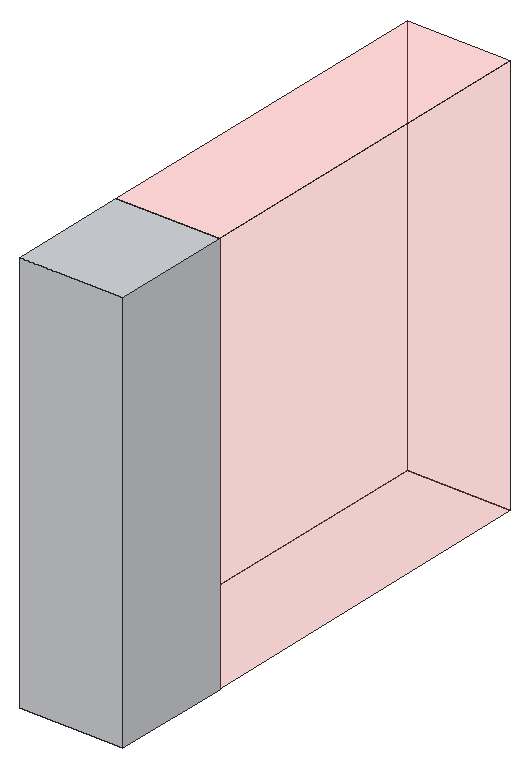
Revit family "VFD_1", category Electrical Equipment, Revit 2016
Family settings
  Panel Configuration = Two Columns, Circuits Across
  Part Type = Panelboard
  Round Connector Dimension = Use Diameter
  OmniClass Number = 23.80.30.11.17
  OmniClass Title = Distribution Boards and Control Panels
  Work Plane-Based = No
  Always vertical = Yes
  Cut with Voids When Loaded = No
  Shared = No
  Room Calculation Point = No
Parameters (values of type "Standard")
  Width [instance] = 10 51/256"
  Show Clearances [instance] = yes
  SP TXT Equipment Type = "VFD"
  SP TXT Equipment Name [instance] = "VFD"
  SP TXT Equipment ID [instance] = "5VFD-"
  Offset to Top of Equipment [instance] = 3' - 3 115/128"
  Offset to Bottom of Panel From Floor [instance] = 0' - 0"
  Manufacturer = "ABB"
  Height [instance] = 3' - 3 115/128"
  Front Connections Distace from Front [instance] = 0' - 6.8"
  Distance off Wall [instance] = 0' - 0"
  Depth [instance] = 11 115/128"
  Cutsheet [instance] = "\\\\ceiad.com\\CFRDet\\BIM\\ATN5&6 LIVE MODEL\\_4-FIELD PDFS\\ATN-5-6\\Submittals\\Not Approved\\2017-09-08\\232923-3.0_Variable Frequency Drives Return Fans - Product Data.pdf"
  Clearance Width [instance] = Width  # 0' - 10 51/256"
  Clearance Material [instance] = clearances
  Clearance Height [instance] = Height  # 3' - 3 115/128"
  Clearance Depth [instance] = 3' - 0"
  Back Connections Distace from Front [instance] = 0' - 8.8"
Reference planes (in)
  plane 1 "Center (Front/Back)": y = 0
  plane 2: z = 0
  plane 3 "Center (Left/Right)": x = 0
  plane 4: y = 0
  plane 5: x = -5.09961
  plane 6: x = 5.09961
  plane 7: y = 11.89844
  plane 8: y = 47.89844
  plane 9: x = 5.09961
  plane 10: x = -5.09961
  plane 11: z = 39.89844
  plane 12: z = 39.89844
  plane 13: z = 0
  plane 14: y = 3.09844
  plane 15: y = 5.09844
  plane 16: x = -2.6
  plane 17: x = 1.5
  plane 18: x = 2.6
  plane 19: x = -1.5
  plane 20: y = 4.89844
  plane 21: z = 2
Forms (in)
  Extrusion 1, solid
    sketch origin (0, 0, 0) x (1, 0, 0) y (0, 1, 0)
      loop
        line (-5.09961, 11.89844) -> (-5.09961, 0) -> (5.09961, 0) -> (5.09961, 11.89844) -> (-5.09961, 11.89844)
    from 0 to 39.89844
  Extrusion 2, solid, material "clearances" <- "Clearance Material", visible <- "Show Clearances"
    sketch origin (0, 0, 0) x (1, 0, 0) y (0, 1, 0)
      loop
        line (-5.09961, 11.89844) -> (5.09961, 11.89844) -> (5.09961, 47.89844) -> (-5.09961, 47.89844) -> (-5.09961, 11.89844)
    from 0 to 39.89844
  Extrusion 3, void
    sketch origin (0, 0, 0) x (1, 0, 0) y (0, 1, 0)
      loop
        circle (-2.6, 5.09844) r 1
      loop
        circle (0, 4.89844) r 0.85
      loop
        circle (0, 3.09844) r 0.45
      loop
        circle (-1.5, 3.09844) r 0.45
      loop
        circle (1.5, 3.09844) r 0.45
      loop
        circle (2.6, 5.09844) r 1
    from 0 to 2
Cuts and joins
  Extrusion 3 cuts Extrusion 1
Lines and regions (in)
  model lines
    curve 1: circle (1.5, 3.09844, 0) r 0.45 normal (0, 0, 1)
    curve 2: line (1.5, 3.54844, 0) -> (1.5, 2.64844, 0)
    curve 3: line (1.05, 3.09844, 0) -> (1.95, 3.09844, 0)
    curve 4: circle (0, 3.09844, 0) r 0.45 normal (0, 0, 1)
    curve 5: line (0, 3.54844, 0) -> (0, 2.64844, 0)
    curve 6: line (-0.45, 3.09844, 0) -> (0.45, 3.09844, 0)
    curve 7: circle (-1.5, 3.09844, 0) r 0.45 normal (0, 0, 1)
    curve 8: line (-1.5, 3.54844, 0) -> (-1.5, 2.64844, 0)
    curve 9: line (-1.95, 3.09844, 0) -> (-1.05, 3.09844, 0)
    curve 10: circle (2.6, 5.09844, 0) r 1 normal (0, 0, 1)
    curve 11: circle (0, 4.89844, 0) r 1 normal (0, 0, 1)
    curve 12: circle (-2.6, 5.09844, 0) r 1 normal (0, 0, 1)
    curve 13: line (-2.6, 6.09844, 0) -> (-2.6, 4.09844, 0)
    curve 14: line (-3.6, 5.09844, 0) -> (-1.6, 5.09844, 0)
    curve 15: line (-1, 4.89844, 0) -> (1, 4.89844, 0)
    curve 16: line (0, 5.89844, 0) -> (0, 3.89844, 0)
    curve 17: line (2.6, 4.09844, 0) -> (2.6, 6.09844, 0)
    curve 18: line (1.6, 5.09844, 0) -> (3.6, 5.09844, 0)
Dimensions and locks (in)
  "Distance off Wall": plane 1 "Center (Front/Back)" to plane 4
  equal spacing: plane 5, plane 3 "Center (Left/Right)", plane 6
  "Depth": plane 7 to plane 4
  "Clearance Depth": plane 8 to plane 7
  "Width": plane 5 to plane 6
  equal spacing: plane 10, plane 3 "Center (Left/Right)", plane 9
  "Clearance Width": plane 10 to plane 9
  "Height": plane 11 to plane 13
  "Clearance Height": plane 12 to plane 13
  "Offset to Bottom of Panel From Floor": plane 13 to level
  "Front Connections Distace from Front": plane 7 to plane 15
  "Back Connections Distace from Front": plane 7 to plane 14
  equal spacing: plane 19, plane 3 "Center (Left/Right)", plane 17
  equal spacing: plane 16, plane 3 "Center (Left/Right)", plane 18
  plane 19 to plane 3 "Center (Left/Right)" = 0' - 1 1/2"
  plane 16 to plane 3 "Center (Left/Right)" = 0' - 2.6"
  locked: plane 7 to plane 20 at 7
  "Offset to Top of Equipment": plane 12 to level
  locked: plane 21 to plane 13 at 2
  radius of Extrusion 3 sketch curve = 0' - 1"  (x2)
  radius of Extrusion 3 sketch curve = 0' - 0.85"
  radius of Extrusion 3 sketch curve = 0' - 0.45"  (x2)
  aligned and locked: level to plane 2
  aligned and locked: Extrusion 1 sketch curve to plane 7
  aligned and locked: plane 5 to Extrusion 1 sketch curve
  aligned and locked: plane 4 to Extrusion 1 sketch curve
  aligned and locked: Extrusion 1 sketch curve to plane 6
  aligned and locked: Extrusion 2 sketch curve to Extrusion 1
  aligned and locked: plane 8 to Extrusion 2 sketch curve
  aligned and locked: Extrusion 2 to plane 10
  aligned and locked: Extrusion 2 to plane 9
  aligned and locked: plane 11 to Extrusion 1
  aligned and locked: plane 12 to Extrusion 2
  aligned and locked: Extrusion 1 to plane 13
  aligned and locked: Extrusion 2 to plane 13
  aligned and locked: plane 21 to cut or joined group of Extrusion 1, Extrusion 3
Automatic sketch dimensions
  Extrusion 3 sketch curve to plane 15 = 0' - 0"  (x2)
  Extrusion 3 sketch curve to plane 16 = 0' - 0"
  Extrusion 3 sketch curve to plane 14 = 0' - 0"  (x3)
  Extrusion 3 sketch curve to plane 19 = 0' - 0"
  Extrusion 3 sketch curve to plane 3 "Center (Left/Right)" = 0' - 0"  (x2)
  Extrusion 3 sketch curve to plane 17 = 0' - 0"
  Extrusion 3 sketch curve to plane 18 = 0' - 0"
  Extrusion 3 sketch curve to plane 20 = 0' - 0"
  Extrusion 2 sketch curve to plane 5 = 0' - 0"
  Extrusion 2 sketch curve to plane 6 = 0' - 0"
  curve 14 to plane 15 = 0' - 0"
  curve 13 to plane 16 = 0' - 0"
  curve 12 to plane 15 = 0' - 0"
  curve 12 to plane 16 = 0' - 0"
  curve 9 to plane 14 = 0' - 0"
  curve 8 to plane 19 = 0' - 0"
  curve 7 to plane 14 = 0' - 0"
  curve 7 to plane 19 = 0' - 0"
  curve 15 to plane 20 = 0' - 0"
  curve 6 to plane 14 = 0' - 0"
  curve 5 to plane 3 "Center (Left/Right)" = 0' - 0"
  curve 4 to plane 3 "Center (Left/Right)" = 0' - 0"
  curve 16 to plane 3 "Center (Left/Right)" = 0' - 0"
  curve 11 to plane 3 "Center (Left/Right)" = 0' - 0"
  curve 3 to plane 14 = 0' - 0"
  curve 1 to plane 14 = 0' - 0"
  curve 1 to plane 17 = 0' - 0"
  curve 2 to plane 17 = 0' - 0"
  curve 18 to plane 15 = 0' - 0"
  curve 17 to plane 18 = 0' - 0"
  curve 10 to plane 15 = 0' - 0"
  curve 10 to plane 18 = 0' - 0"
  curve 4 to plane 14 = 0' - 0"
  curve 11 to plane 20 = 0' - 0"
  curve 14 to plane 16 = 0' - 1"
  curve 9 to curve 7 = 0' - 0.45"
  plane 19 to curve 15 = 0' - 0 1/2"
  curve 6 to plane 3 "Center (Left/Right)" = 0' - 0.45"
  curve 3 to curve 1 = 0' - 0.45"
  plane 17 to curve 18 = 0' - 0.1"
  radius of Extrusion 3 sketch curve = 0' - 0.45"
Connectors (in)
  electrical at (0, 5.94922, 0)
    settings: on Extrusion 1, index 1, voltage 0 V, apparent load 0 VA, apparent load phase1 0 VA, apparent load phase2 0 VA, apparent load phase3 0 VA, power factor 1, load classification "Power", number of poles 3, system type 31, power factor state 1, is connector primary yes, connector utility no, sub classification motor no, connector description ""
  cabletrayconduit at (2.6, 5.09844, 2), diameter 2
    settings: on cut or joined group of Extrusion 1, Extrusion 3, index 2, connector width 1' - 0", connector height 1' - 0", connector angle 0.00°, system type 32, placement type 0, profile type 0, connector reference index -1, is primary connector yes, connector utility param no, connector description ""
  cabletrayconduit at (0, 4.89844, 2), diameter 2
    settings: on cut or joined group of Extrusion 1, Extrusion 3, index 3, connector width 1' - 0", connector height 1' - 0", connector angle 0.00°, system type 32, placement type 0, profile type 0, connector reference index -1, is primary connector no, connector utility param no, connector description ""
  cabletrayconduit at (-2.6, 5.09844, 2), diameter 2
    settings: on cut or joined group of Extrusion 1, Extrusion 3, index 4, connector width 1' - 0", connector height 1' - 0", connector angle 0.00°, system type 32, placement type 0, profile type 0, connector reference index -1, is primary connector no, connector utility param no, connector description ""
  cabletrayconduit at (-1.5, 3.09844, 2), diameter 0.75
    settings: on cut or joined group of Extrusion 1, Extrusion 3, index 5, connector width 1' - 0", connector height 1' - 0", connector angle 0.00°, system type 32, placement type 0, profile type 0, connector reference index -1, is primary connector no, connector utility param no, connector description ""
  cabletrayconduit at (0, 3.09844, 2), diameter 0.75
    settings: on cut or joined group of Extrusion 1, Extrusion 3, index 6, connector width 1' - 0", connector height 1' - 0", connector angle 0.00°, system type 32, placement type 0, profile type 0, connector reference index -1, is primary connector no, connector utility param no, connector description ""
  cabletrayconduit at (1.5, 3.09844, 2), diameter 0.75
    settings: on cut or joined group of Extrusion 1, Extrusion 3, index 7, connector width 1' - 0", connector height 1' - 0", connector angle 0.00°, system type 32, placement type 0, profile type 0, connector reference index -1, is primary connector no, connector utility param no, connector description ""
